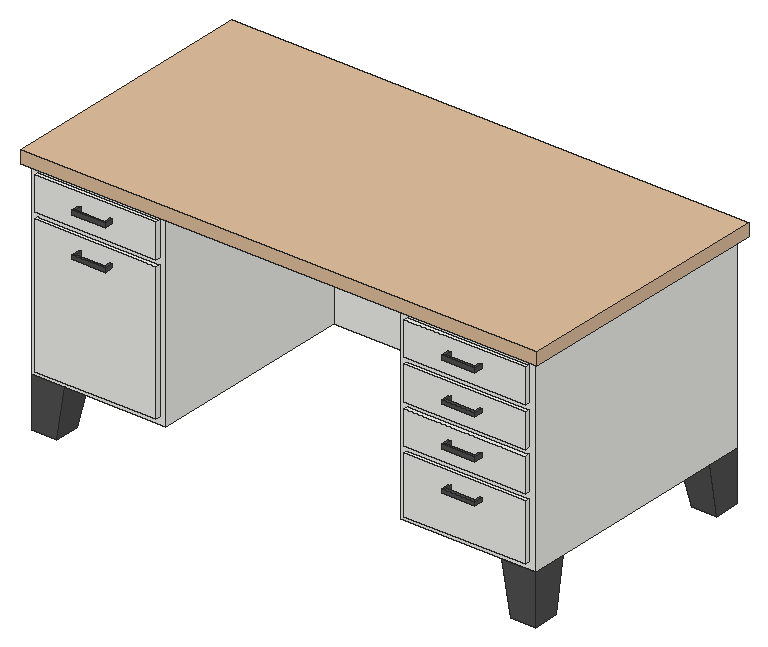
Revit family "M_Desk", category Furniture, Revit 2023
Family settings
  OmniClass Number = 23.40.20.24.31
  OmniClass Title = Desk
  Work Plane-Based = No
  Enable Cutting in Views = No
  Always vertical = Yes
  Cut with Voids When Loaded = No
  Render Appearance Source = Family Geometry
  Shared = Yes
  Room Calculation Point = No
Parameters (values of type "1525 x 762mm")
  Default Elevation = 0 mm
  Assembly Code = ""
  Depth = 762 mm
  Body Material = Laminate, Ivory, Matte
  Handle/Leg Material = Steel, Chrome Plated
  Top Material = Cherry
  Height = 762 mm
  Leg Height = 152 mm
  Width = 1525 mm
Types (3, lengths in mm): name | Depth | Width
  1525 x 762mm | 762 | 1525
  1830 x 915mm | 915 | 1830
  1525 x 762mm Student | 762 | 1525
Reference planes
  plane 1: z = 0
  plane 2: z = 723.9
  plane 3: z = 152
  plane 4: z = 762
  plane 5 "Center (Left/Right)": x = 762
  plane 6 "Center (Front/Back)": y = 381
  plane 7 "Drawer Edge": y = -12.7
  plane 8: x = 202.7
  plane 9: x = 1321.3
  plane 10: z = 304.8
  plane 11: z = 425.45
  plane 12: z = 546.1
  plane 13: z = 666.75
  plane 14: z = 546.1
  plane 15: z = 666.75
  plane 16 "Top": y = 762
  plane 17 "Right": x = 1524.5
  plane 18 "Left": x = -0.5
  plane 19 "Bottom": y = 0
Forms (mm)
  Extrusion 1, solid, material "Laminate, Ivory, Matte" <- "Body Material"
    sketch origin (1524, 762, 0) x (-1, 0, 0) y (0, -1, 0)
      loop
        line (-0.5, 762) -> (-0.5, 0) -> (1524.5, 0) -> (1524.5, 762) -> (1118.1, 762) -> (1118.1, 127) -> (405.9, 127) -> (405.9, 762) -> (-0.5, 762)
    from 152 to 723.9
  Extrusion 2, solid, material "Cherry" <- "Top Material"
    sketch origin (1524, 762, 0) x (-1, 0, 0) y (0, -1, 0)
      loop
        line (-19.55, 781.05) -> (-19.55, -19.05) -> (1543.55, -19.05) -> (1543.55, 781.05) -> (-19.55, 781.05)
    from 723.9 to 762
  Blend 3, solid, material "Steel, Chrome Plated" <- "Handle/Leg Material"
    base sketch origin (1524, 762, 0) x (-1, 0, 0) y (0, -1, 0)
      loop
        line (-0.5, 762) -> (-0.5, 685.8) -> (75.7, 685.8) -> (75.7, 762) -> (-0.5, 762)
    top sketch origin (1524, 762, 0) x (-1, 0, 0) y (0, -1, 0)
      loop
        line (-0.5, 762) -> (-0.5, 660.4) -> (101.1, 660.4) -> (101.1, 762) -> (-0.5, 762)
    from 0 to 152
  Blend 4, solid, material "Steel, Chrome Plated" <- "Handle/Leg Material"
    base sketch origin (1524, 838.2, 0) x (-1, 0, 0) y (0, -1, 0)
      loop
        line (-0.5, 76.2) -> (75.7, 76.2) -> (75.7, 152.4) -> (-0.5, 152.4) -> (-0.5, 76.2)
    top sketch origin (1524, 838.2, 0) x (-1, 0, 0) y (0, -1, 0)
      loop
        line (-0.5, 76.2) -> (101.1, 76.2) -> (101.1, 177.8) -> (-0.5, 177.8) -> (-0.5, 76.2)
    from 0 to 152
  Blend 5, solid, material "Steel, Chrome Plated" <- "Handle/Leg Material"
    base sketch origin (1524, 838.2, 0) x (-1, 0, 0) y (0, -1, 0)
      loop
        line (1524.5, 76.2) -> (1524.5, 152.4) -> (1448.3, 152.4) -> (1448.3, 76.2) -> (1524.5, 76.2)
    top sketch origin (1524, 838.2, 0) x (-1, 0, 0) y (0, -1, 0)
      loop
        line (1524.5, 76.2) -> (1524.5, 177.8) -> (1422.9, 177.8) -> (1422.9, 76.2) -> (1524.5, 76.2)
    from 0 to 152
  Blend 6, solid, material "Steel, Chrome Plated" <- "Handle/Leg Material"
    base sketch origin (1524, 762, 0) x (-1, 0, 0) y (0, -1, 0)
      loop
        line (1524.5, 762) -> (1448.3, 762) -> (1448.3, 685.8) -> (1524.5, 685.8) -> (1524.5, 762)
    top sketch origin (1524, 762, 0) x (-1, 0, 0) y (0, -1, 0)
      loop
        line (1524.5, 762) -> (1422.9, 762) -> (1422.9, 660.4) -> (1524.5, 660.4) -> (1524.5, 762)
    from 0 to 152
  Extrusion 7, solid, material "Laminate, Ivory, Matte" <- "Body Material"
    sketch origin (0, 0, 0) x (-1, 0, 0) y (0, 0, 1)
      loop
        line (-1505.45, 704.85) -> (-1505.45, 602.85) -> (-1137.15, 602.85) -> (-1137.15, 704.85) -> (-1505.45, 704.85)
      loop
        line (-1505.45, 171.05) -> (-1137.15, 171.05) -> (-1137.15, 342.5) -> (-1505.45, 342.5) -> (-1505.45, 171.05)
      loop
        line (-1137.15, 583.8) -> (-1505.45, 583.8) -> (-1505.45, 482.2) -> (-1137.15, 482.2) -> (-1137.15, 583.8)
      loop
        line (-1137.15, 463.15) -> (-1505.45, 463.15) -> (-1505.45, 361.55) -> (-1137.15, 361.55) -> (-1137.15, 463.15)
    from -12.7 to 0
  Extrusion 8, solid, material "Laminate, Ivory, Matte" <- "Body Material"
    sketch origin (-304.8, -152.4, 0) x (1, 0, 0) y (0, 0, -1)
      loop
        line (323.35, -704.85) -> (691.65, -704.85) -> (691.65, -603.25) -> (323.35, -603.25) -> (323.35, -704.85)
      loop
        line (323.35, -171.05) -> (323.35, -584.2) -> (691.65, -584.2) -> (691.65, -171.05) -> (323.35, -171.05)
    from 139.7 to 152.4
  Sweep 9, solid, material "Steel, Chrome Plated" <- "Handle/Leg Material"
    path origin (1524, 762, 0) x (-1, 0, 0) y (0, -1, 0)
      loop
        line (151.9, 774.7) -> (151.9, 800.1) -> (253.5, 800.1) -> (253.5, 774.7)
    profile origin (0, -25.4, 0) x (1, 0, 0) y (0, 0, 1)
      loop
        line (1372.1, 304.8) -> (1365.75, 304.8) -> (1365.75, 292.1) -> (1372.1, 292.1) -> (1372.1, 304.8)
      loop
        line (1372.1, 425.45) -> (1365.75, 425.45) -> (1365.75, 412.75) -> (1372.1, 412.75) -> (1372.1, 425.45)
      loop
        line (1372.1, 546.1) -> (1365.75, 546.1) -> (1365.75, 533.4) -> (1372.1, 533.4) -> (1372.1, 546.1)
      loop
        line (1372.1, 666.75) -> (1365.75, 666.75) -> (1365.75, 654.05) -> (1372.1, 654.05) -> (1372.1, 666.75)
  Sweep 10, solid, material "Steel, Chrome Plated" <- "Handle/Leg Material"
    path origin (1524, 762, 0) x (-1, 0, 0) y (0, -1, 0)
      loop
        line (1372.1, 774.7) -> (1372.1, 800.1) -> (1270.5, 800.1) -> (1270.5, 774.7)
    profile origin (0, -25.4, 0) x (1, 0, 0) y (0, 0, 1)
      loop
        line (151.9, 546.1) -> (151.9, 533.4) -> (158.25, 533.4) -> (158.25, 546.1) -> (151.9, 546.1)
      loop
        line (151.9, 666.75) -> (151.9, 654.05) -> (158.25, 654.05) -> (158.25, 666.75) -> (151.9, 666.75)
Lines and regions (mm)
  Masking region 1
    outline origin (1524, 762, 0) x (-1, 0, 0) y (0, -1, 0)
      loop
        line (-0.5, 762) -> (-0.5, 0) -> (1524.5, 0) -> (1524.5, 762) -> (-0.5, 762)
Dimensions and locks
  "Height": plane 1 to plane 4
  plane 3 to plane 1 = 152 mm
  plane 2 to plane 4 = 38.1 mm
  locked: plane 2 to plane 4 at 38.1
  "Leg Height": plane 3 to plane 1
  Extrusion 1 to Extrusion 7 sketch curve = 19.05 mm
  plane 3 to Extrusion 7 sketch curve = 19.05 mm
  Extrusion 7 sketch curve to plane 2 = 19.05 mm
  plane 13 to Extrusion 7 = 38.1 mm
  plane 12 to Extrusion 7 = 37.7 mm
  plane 11 to Extrusion 7 = 37.7 mm
  plane 10 to Extrusion 7 = 37.7 mm
  plane 15 to Extrusion 8 = 38.1 mm
  plane 14 to Extrusion 8 = 38.1 mm
  locked: plane 9 to plane 17 "Right" at 203.2
  locked: plane 19 "Bottom" to plane 7 "Drawer Edge" at 12.7
  equal spacing: plane 18 "Left", plane 5 "Center (Left/Right)", plane 17 "Right"
  "Width": plane 18 "Left" to plane 17 "Right"
  equal spacing: plane 16 "Top", plane 6 "Center (Front/Back)", plane 19 "Bottom"
  "Depth": plane 16 "Top" to plane 19 "Bottom"
  locked: Extrusion 2 sketch curve to plane 18 "Left" at 19.05
  locked: Extrusion 2 sketch curve to plane 16 "Top" at 19.05
  locked: plane 17 "Right" to Extrusion 2 sketch curve at 19.05
  locked: plane 19 "Bottom" to Extrusion 2 sketch curve at 19.05
  locked: plane 18 "Left" to plane 8 at 203.2
  locked: plane 18 "Left" to Blend 5 sketch curve at 76.2
  locked: plane 16 "Top" to Blend 5 sketch curve at 76.2
  locked: plane 16 "Top" to Blend 4 sketch curve at 76.2
  locked: Blend 4 sketch curve to plane 17 "Right" at 76.2
  locked: plane 16 "Top" to Blend 5 sketch curve at 101.6
  locked: plane 18 "Left" to Blend 5 sketch curve at 101.6
  locked: Blend 4 sketch curve to plane 17 "Right" at 101.6
  locked: plane 16 "Top" to Blend 4 sketch curve at 101.6
  aligned and locked: Extrusion 1 to plane 2
  aligned and locked: plane 2 to Extrusion 2
  aligned and locked: Extrusion 2 to plane 4
  aligned and locked: plane 3 to Extrusion 1
  aligned and locked: Blend 4 to plane 3
  aligned and locked: Blend 5 to plane 3
  aligned and locked: Blend 3 to plane 3
  aligned and locked: Blend 6 to plane 3
  aligned and locked: Extrusion 7 to plane 7 "Drawer Edge"
  aligned and locked: Extrusion 8 to plane 7 "Drawer Edge"
  aligned and locked: Extrusion 1 sketch curve to plane 16 "Top"
  aligned and locked: plane 18 "Left" to Extrusion 1 sketch curve
  aligned and locked: Masking region 1 sketch curve to plane 16 "Top"
  aligned and locked: plane 18 "Left" to Masking region 1 sketch curve
  aligned and locked: plane 19 "Bottom" to Extrusion 8
  aligned and locked: Extrusion 1 to plane 19 "Bottom"
  aligned and locked: plane 19 "Bottom" to Extrusion 1 sketch curve
  aligned and locked: plane 19 "Bottom" to Extrusion 7
  aligned and locked: Blend 5 sketch curve to plane 18 "Left"
  aligned and locked: Blend 5 sketch curve to plane 16 "Top"
  aligned and locked: Blend 4 sketch curve to plane 17 "Right"
  aligned and locked: plane 16 "Top" to Blend 4 sketch curve
Automatic sketch dimensions
  Blend 3 sketch curve to Blend 3 sketch curve = 76.2 mm
  Blend 3 sketch curve to Blend 3 sketch curve = 101.6 mm
  Blend 4 sketch curve to Blend 4 sketch curve = 101.6 mm  (x2)
  Blend 6 sketch curve to Blend 6 sketch curve = 76.2 mm  (x2)
  Blend 6 sketch curve to Blend 6 sketch curve = 101.6 mm  (x2)
  plane 9 to Extrusion 7 sketch curve = 184.15 mm
  Extrusion 7 sketch curve to Extrusion 7 sketch curve = 0 mm  (x5)
  Extrusion 7 sketch curve to Extrusion 7 sketch curve = 171.45 mm
  Extrusion 7 sketch curve to Extrusion 7 sketch curve = 19.05 mm  (x3)
  Extrusion 7 sketch curve to Extrusion 7 sketch curve = 101.6 mm  (x2)
  plane 2 to Extrusion 8 sketch curve = 19.05 mm
  plane 8 to Extrusion 8 sketch curve = 184.15 mm
  Extrusion 8 sketch curve to Extrusion 8 sketch curve = 0 mm
  Extrusion 8 sketch curve to Extrusion 8 sketch curve = 101.6 mm
  Extrusion 8 sketch curve to Extrusion 8 sketch curve = 19.05 mm
  Extrusion 8 sketch curve to plane 3 = 19.05 mm
  Sweep 9 sketch curve to plane 7 "Drawer Edge" = 0 mm  (x2)
  plane 7 "Drawer Edge" to Sweep 9 sketch curve = 25.4 mm
  Sweep 9 sketch curve to plane 9 = 50.8 mm
  plane 9 to Sweep 9 sketch curve = 50.8 mm
  Sweep 9 sketch curve to plane 10 = 0 mm
  Sweep 9 sketch curve to plane 13 = 0 mm
  Sweep 9 sketch curve to plane 12 = 0 mm
  Sweep 9 sketch curve to plane 11 = 0 mm
  Sweep 9 sketch curve to profile plane = 0 mm  (x4)
  Sweep 9 sketch curve to Sweep 9 sketch curve = 6.35 mm  (x4)
  plane 10 to Sweep 9 sketch curve = 12.7 mm
  plane 11 to Sweep 9 sketch curve = 12.7 mm
  plane 12 to Sweep 9 sketch curve = 12.7 mm
  plane 13 to Sweep 9 sketch curve = 12.7 mm
  Sweep 10 sketch curve to plane 7 "Drawer Edge" = 0 mm  (x2)
  plane 7 "Drawer Edge" to Sweep 10 sketch curve = 25.4 mm
  plane 8 to Sweep 10 sketch curve = 50.8 mm
  Sweep 10 sketch curve to plane 8 = 50.8 mm
  Sweep 10 sketch curve to profile plane = 0 mm  (x2)
  Sweep 10 sketch curve to plane 15 = 0 mm
  Sweep 10 sketch curve to plane 14 = 0 mm
  Sweep 10 sketch curve to Sweep 10 sketch curve = 6.35 mm  (x2)
  plane 14 to Sweep 10 sketch curve = 12.7 mm
  plane 15 to Sweep 10 sketch curve = 12.7 mm
  Blend 3 sketch curve to plane 9 = 203.2 mm  (x2)
  Extrusion 7 sketch curve to plane 9 = 184.15 mm
  Blend 5 sketch curve to Blend 5 sketch curve = 101.6 mm  (x2)
  Blend 6 sketch curve to plane 8 = 127 mm
  Blend 6 sketch curve to plane 8 = 101.6 mm
  Extrusion 8 sketch curve to plane 8 = 184.15 mm  (x2)
  Blend 3 sketch curve to plane 7 "Drawer Edge" = 88.9 mm
  Blend 3 sketch curve to plane 7 "Drawer Edge" = 12.7 mm  (x2)
  Blend 3 sketch curve to plane 7 "Drawer Edge" = 114.3 mm
  Blend 6 sketch curve to plane 7 "Drawer Edge" = 88.9 mm
  Blend 6 sketch curve to plane 7 "Drawer Edge" = 114.3 mm
  Masking region 1 sketch curve to plane 17 "Right" = 0 mm
  Masking region 1 sketch curve to plane 19 "Bottom" = 0 mm
  Extrusion 1 sketch curve to plane 17 "Right" = 0 mm
  Extrusion 1 sketch curve to plane 19 "Bottom" = 0 mm
  plane 9 to Extrusion 1 sketch curve = 203.2 mm
  plane 8 to Extrusion 1 sketch curve = 203.2 mm
  Extrusion 1 sketch curve to plane 16 "Top" = 127 mm
